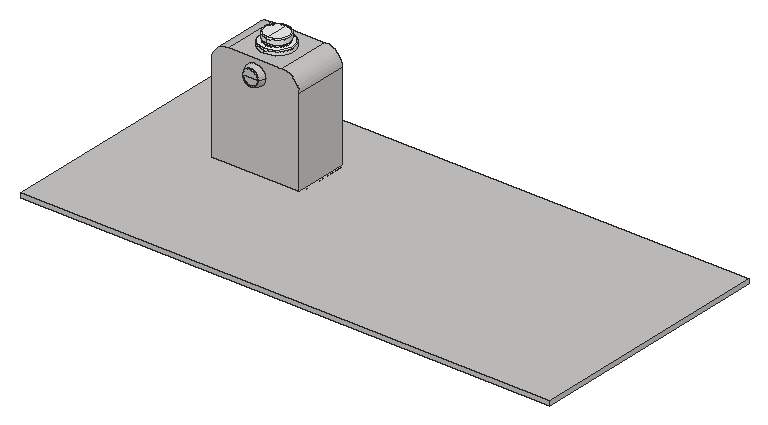
Revit family "Drinking_Fountain-Haws_Corporation-Bottle_Filler_1920", category Plumbing Fixtures, host Face, Revit 2015
Parameters (values of type "1920 with BP32 Panel")
  Waste Connection = no
  Version = "2014-v1.0a"  # constant formula
  Vent Connection = no
  URL = "https://www.hawsco.com/"
  SKU = "10-101"
  Product Page URL = "https://www.hawsco.com/bottle-filling-station/"
  Product Name = "Bottle Filler"
  Product Documentation Link = "https://www.hawsco.com/downloads/dl/file/id/16262/product/1120/haws_model_1920_specsheet_pdf.pdf"
  Plate Model = if(and(BP15 Panel, BP32 Panel), "Too Many Options Selected, Please Select Only 1 Panel Option", if(BP15 Panel, "BP15", if(BP32 Panel, "BP32", "No Panel Option Selected")))  # "BP32"
  Plate Finish = Metal - Haws Corporation - Satin Stainless Steel
  Model = "1920"
  Manufacturer = "Haws Corporation"  # constant formula
  LEED Credit = ""
  HW Connection = no
  Green Information = ""
  Description = "Bottle filler can be a stand-alone station, or mounted above Haws 1001, 1011, 1107L and 1117L series drinking fountain models."  # constant formula
  Default Elevation = 4' - 0"
  Copyright = "©2016 Haws"  # constant formula
  Bracket = Metal - Haws Corporation - Satin Stainless Steel
  BP32 Panel = yes
  BP15 Panel = no
Types (4): name | Plate Model | BP32 Panel | BP15 Panel
  (no name) | "BP32" | yes | no
  1920 | "No Panel Option Selected" | no | no
  1920 with BP15 Panel | "BP15" | no | yes
  1920 with BP32 Panel | "BP32" | yes | no
Reference planes (in)
  plane 1 "Center (Front/Back)": y = 0
  plane 2: z = 0
  plane 3 "Center (Left/Right)": x = 0
  plane 4: z = 7.25
  plane 5: z = 5.625
  plane 6: x = -7.5
  plane 7: x = 7.5
  plane 8: y = 4.99584
  plane 9: y = -10.00416
  plane 10: z = 0.25
  plane 11: x = 24.5
Forms (in)
  Revolve 1, solid, material "Metal - Haws Corporation - Polished Chrome - 5705"
    sketch origin (0, -8.375, 1.50503) x (0, 1, 0) y (0, 0, -1)
      loop
        line (8.375, -5.74497) -> (9.09063, -5.74497)
        arc (9.09063, -5.74497) -> (9.12377, -5.73124) -> (9.1375, -5.69809) r 0.04687
        line (9.1375, -5.69809) -> (9.1375, -5.44172) -> (9.08587, -5.44172) -> (9.08587, -5.32691)
        arc (9.08587, -5.32691) -> (9.09151, -5.31054) -> (9.10603, -5.3011) r 0.02661
        line (9.10603, -5.3011) -> (9.33152, -5.24163)
        arc (9.33152, -5.24163) -> (9.35567, -5.22552) -> (9.365, -5.19804) r 0.04512
        line (9.365, -5.19804) -> (9.365, -5.003) -> (8.375, -5.003) -> (8.375, -5.74497)
      axis (8.375, -5.74497) -> (8.375, -5.003)
    angle from 0 to 360
  Extrusion 2, solid, material "Metal - Haws Corporation - Satin Stainless Steel" <- "Bracket"
    sketch origin (-19.06731, -1.375, -8.99196) x (1, 0, 0) y (0, 0, -1)
      loop
        line (16.44221, -9.13875) -> (16.44221, -14.5032)
        arc (16.44221, -14.5032) -> (16.73416, -15.20804) -> (17.43899, -15.49999) r 0.99679
        line (17.43899, -15.49999) -> (20.69562, -15.49999)
        arc (20.69562, -15.49999) -> (21.40045, -15.20804) -> (21.69241, -14.5032) r 0.99679
        line (21.69241, -14.5032) -> (21.69241, -9.14196)
        arc (21.69241, -9.14196) -> (21.64847, -9.03589) -> (21.5424, -8.99196) r 0.15001
        line (21.5424, -8.99196) -> (16.589, -8.99196)
        arc (16.589, -8.99196) -> (16.4852, -9.03495) -> (16.44221, -9.13875) r 0.14679
    from -0.25 to 3
  Revolve 3, solid, material "Metal - Haws Corporation - Satin Stainless Steel" <- "Bracket"
    sketch origin (0, -46.375, 5.625) x (1, 0, 0) y (0, 1, 0)
      loop
        line (0, 44.376) -> (0, 44.75) -> (-0.60733, 44.75) -> (-0.47391, 44.39543)
        arc (-0.47391, 44.39543) -> (-0.4629, 44.38133) -> (-0.44583, 44.376) r 0.03
        line (-0.44583, 44.376) -> (0, 44.376)
      axis (0, 44.376) -> (0, 44.75)
    angle from 0 to 360
  Extrusion 4, solid, material "Metal - Haws Corporation - Satin Stainless Steel" <- "Plate Finish", visible <- "BP15 Panel"
    sketch origin (0, 0, 0) x (1, 0, 0) y (0, 1, 0)
      loop
        line (-7.5, 4.99584) -> (-7.5, -10.00416) -> (7.5, -10.00416) -> (7.5, 4.99584) -> (-7.5, 4.99584)
    from 0 to 0.25
  Extrusion 5, solid, material "Metal - Haws Corporation - Satin Stainless Steel" <- "Plate Finish", visible <- "BP32 Panel"
    sketch origin (0, 0, 0) x (1, 0, 0) y (0, 1, 0)
      loop
        line (-7.5, 4.99584) -> (-7.5, -10.00416) -> (24.5, -10.00416) -> (24.5, 4.99584) -> (-7.5, 4.99584)
    from 0 to 0.25
Lines and regions (in)
  Masking region 1, detail levels fine
    outline origin (0, 0, 0) x (1, 0, 0) y (0, 0, 1)
      loop
        line (2.6251, 0.15001) -> (2.6251, 5.51124)
        arc (2.6251, 5.51124) -> (2.33315, 6.21608) -> (1.62831, 6.50803) r 0.99679
        line (1.62831, 6.50803) -> (0.99, 6.50803) -> (0.99, 6.70307)
        arc (0.99, 6.70307) -> (0.98066, 6.73055) -> (0.95652, 6.74666) r 0.04512
        line (0.95652, 6.74666) -> (0.73102, 6.80613)
        arc (0.73102, 6.80613) -> (0.71651, 6.81557) -> (0.71087, 6.83195) r 0.02661
        line (0.71087, 6.83195) -> (0.71087, 6.94675) -> (0.7625, 6.94675) -> (0.7625, 7.20313)
        arc (0.7625, 7.20313) -> (0.74877, 7.23627) -> (0.71562, 7.25) r 0.04687
        line (0.71562, 7.25) -> (-0.71562, 7.25)
        arc (-0.71562, 7.25) -> (-0.74877, 7.23627) -> (-0.7625, 7.20313) r 0.04687
        line (-0.7625, 7.20313) -> (-0.7625, 6.94675) -> (-0.71087, 6.94675) -> (-0.71087, 6.83195)
        arc (-0.71087, 6.83195) -> (-0.71651, 6.81557) -> (-0.73102, 6.80613) r 0.02661
        line (-0.73102, 6.80613) -> (-0.95652, 6.74666)
        arc (-0.95652, 6.74666) -> (-0.98066, 6.73055) -> (-0.99, 6.70307) r 0.04512
        line (-0.99, 6.70307) -> (-0.99, 6.50803) -> (-1.62831, 6.50803)
        arc (-1.62831, 6.50803) -> (-2.33315, 6.21608) -> (-2.6251, 5.51124) r 0.99679
        line (-2.6251, 5.51124) -> (-2.6251, 0.14679)
        arc (-2.6251, 0.14679) -> (-2.5821, 0.04299) -> (-2.47831, 0) r 0.14679
        line (-2.47831, 0) -> (2.47509, 0)
        arc (2.47509, 0) -> (2.58116, 0.04394) -> (2.6251, 0.15001) r 0.15001
  Masking region 2, detail levels coarse
    outline origin (0, 0, 0) x (1, 0, 0) y (0, 0, 1)
      loop
        line (2.6251, 0) -> (2.6251, 7.25) -> (-2.6251, 7.25) -> (-2.6251, 0) -> (2.6251, 0)
  Masking region 3, detail levels medium+fine
    outline origin (-7.82374, 0, 0) x (1, 0, 0) y (0, 0, 1)
      loop
        line (10.44884, 0.15001) -> (10.44884, 5.51124)
        arc (10.44884, 5.51124) -> (10.15689, 6.21608) -> (9.45205, 6.50803) r 0.99679
        line (9.45205, 6.50803) -> (6.19543, 6.50803)
        arc (6.19543, 6.50803) -> (5.49059, 6.21608) -> (5.19864, 5.51124) r 0.99679
        line (5.19864, 5.51124) -> (5.19864, 0.14679)
        arc (5.19864, 0.14679) -> (5.24164, 0.04299) -> (5.34543, 0) r 0.14679
        line (5.34543, 0) -> (10.29883, 0)
        arc (10.29883, 0) -> (10.4049, 0.04394) -> (10.44884, 0.15001) r 0.15001
  symbolic lines, detail levels medium+fine
    curve 1: line (0.99, 0, 6.50803) -> (-0.99, 0, 6.50803)
  symbolic lines, detail levels fine
    curve 2: line (0.71087, 0, 6.94675) -> (-0.71087, 0, 6.94675)
    curve 3: line (0.95652, 0, 6.74666) -> (-0.95652, 0, 6.74666)
    curve 4: line (-0.71087, 0, 6.83195) -> (0.71087, 0, 6.83195)
Dimensions and locks (in)
  locked: plane 4 to plane 2 at 7.25
  Extrusion 2 sketch curve to Extrusion 2 sketch curve to Extrusion 2 sketch curve = 0' - 5.10019" locked, 0' - 0.15001" locked
  equal spacing: Extrusion 2, plane 1 "Center (Front/Back)", Extrusion 2, locked at 1.625 each
  locked: Revolve 3 sketch curve to Revolve 3 sketch curve at 0
  locked: plane 5 to plane 2 at 5.625
  Revolve 3 sketch curve to Revolve 3 sketch curve to Revolve 3 sketch curve to plane 3 "Center (Left/Right)" = 0' - 0.13342" locked, 0' - 0.02808" locked, 0' - 0.44583" locked
  Revolve 3 sketch curve to Revolve 3 sketch curve to plane 1 "Center (Front/Back)" = 0' - 0.374" locked, 0' - 1 5/8" locked
  plane 4 to Revolve 1 sketch curve to Revolve 1 sketch curve = 0' - 0.30325" locked, 0' - 0.43872" locked
  plane 1 "Center (Front/Back)" to Revolve 1 sketch curve to Revolve 1 sketch curve to Revolve 1 sketch curve = 0' - 0.71087" locked, 0' - 0.05163" locked, 0' - 0.2275" locked
  locked: Extrusion 2 sketch curve to plane 4 at 0.74197
  locked: Extrusion 2 sketch curve to plane 3 "Center (Left/Right)" at 2.6251
  plane 3 "Center (Left/Right)" to Extrusion 2 sketch curve = 0' - 2.6251"
  Masking region 1 sketch curve to Masking region 1 sketch curve to Masking region 1 sketch curve = 0' - 0.05163" locked, 0' - 0.2275" locked  (x2)
  Masking region 2 sketch curve to plane 3 "Center (Left/Right)" to Masking region 2 sketch curve = 0' - 2.6251" locked, 0' - 2.6251" locked
  plane 6 to plane 3 "Center (Left/Right)" to plane 7 = 0' - 7 1/2" locked, 0' - 7 1/2" locked
  locked: plane 9 to plane 1 "Center (Front/Back)" at 10.00416
  locked: plane 8 to plane 9 at 15
  plane 10 to level = 0' - 0 1/4"
  plane 6 to plane 11 = 2' - 8"
  aligned and locked: plane 2 to host face
  aligned and locked: level to host face
  aligned and locked: Extrusion 2 sketch curve to plane 2
  aligned and locked: plane 3 "Center (Left/Right)" to Revolve 3 sketch curve
  aligned and locked: Revolve 3 sketch curve to plane 5
  aligned and locked: plane 5 to Revolve 3 sketch curve
  aligned and locked: Revolve 1 sketch curve to plane 4
  aligned and locked: plane 1 "Center (Front/Back)" to Revolve 1 sketch curve  (x2)
  aligned and locked: Revolve 1 sketch curve to plane 3 "Center (Left/Right)"  (x2)
  aligned and locked: Masking region 2 sketch curve to plane 4
  aligned and locked: Masking region 2 sketch curve to plane 2
  aligned and locked: Extrusion 4 sketch curve to plane 8
  aligned and locked: plane 6 to Extrusion 4 sketch curve
  aligned and locked: plane 9 to Extrusion 4 sketch curve
  aligned and locked: Extrusion 4 sketch curve to plane 7
  aligned and locked: Extrusion 4 to level
  aligned and locked: plane 10 to Extrusion 4
  aligned and locked: Extrusion 5 sketch curve to plane 11
  aligned and locked: Extrusion 5 sketch curve to plane 8
  aligned and locked: plane 6 to Extrusion 5 sketch curve
  aligned and locked: Extrusion 5 sketch curve to plane 9
  aligned and locked: Extrusion 5 to level
  aligned and locked: plane 10 to Extrusion 5
Automatic sketch dimensions
  Revolve 1 sketch curve to Revolve 1 sketch curve = 0' - 0.02015"
  Revolve 1 sketch curve to Revolve 1 sketch curve = 0' - 0.02661"
  Revolve 1 sketch curve to Revolve 1 sketch curve = 0' - 0.04512"
  Revolve 1 sketch curve to plane 4 = 0' - 0.50334"
  Revolve 1 sketch curve to Revolve 1 sketch curve = 0' - 0.01165"
  Revolve 1 sketch curve to Revolve 1 sketch curve = 0' - 0.38749"
  Revolve 1 sketch curve to Revolve 1 sketch curve = 0' - 0.51476"
  Revolve 3 sketch curve to Revolve 3 sketch curve = 0' - 0.01943"
  Revolve 3 sketch curve to Revolve 3 sketch curve = 0' - 0"
  Revolve 3 sketch curve to Revolve 3 sketch curve = 0' - 0.09294"
  Revolve 1 sketch curve to Revolve 1 sketch curve = 0' - 0.1148"
  Revolve 1 sketch curve to Revolve 1 sketch curve = 0' - 0.00475"
  curve 1 to plane 3 "Center (Left/Right)" = 0' - 0.99"
  curve 1 to plane 4 = 0' - 0.74197"
  curve 1 to curve 3 = 0' - 0.03348"
  curve 3 to curve 2 = 0' - 0.24565"
  curve 2 to curve 4 = 0' - 0"  (x2)
  curve 2 to plane 4 = 0' - 0.30325"
  plane 3 "Center (Left/Right)" to curve 2 = 0' - 0.71087"
  curve 4 to curve 3 = 0' - 0.24565"
  curve 3 to curve 1 = 0' - 0.03348"
  curve 1 to curve 3 = 0' - 0.23863"
  curve 4 to curve 2 = 0' - 0.1148"
  host sketch curve to host sketch curve = 8' - 0"  (x2)
  Extrusion 2 sketch curve to Extrusion 2 sketch curve = 0' - 0.14679"
  Extrusion 2 sketch curve to Extrusion 2 sketch curve = 0' - 0.99679"  (x2)
  Masking region 1 sketch curve to level = 0' - 0"
  Masking region 1 sketch curve to plane 4 = 0' - 0"
  Masking region 1 sketch curve to plane 5 = 0' - 0.11376"  (x2)
  Masking region 1 sketch curve to plane 3 "Center (Left/Right)" = 0' - 2.6251"
  Masking region 1 sketch curve to Masking region 1 sketch curve = 0' - 0.14679"
  Masking region 1 sketch curve to Masking region 1 sketch curve = 0' - 0.99679"  (x2)
  Masking region 1 sketch curve to Masking region 1 sketch curve = 0' - 0.63831"  (x2)
  Masking region 1 sketch curve to plane 4 = 0' - 0.50334"  (x2)
  Masking region 1 sketch curve to Masking region 1 sketch curve = 0' - 0.03348"
  Masking region 1 sketch curve to Masking region 1 sketch curve = 0' - 0.04512"  (x2)
  Masking region 1 sketch curve to Masking region 1 sketch curve = 0' - 0.02661"
  Masking region 1 sketch curve to Masking region 1 sketch curve = 0' - 0.00646"  (x2)
  Masking region 1 sketch curve to plane 4 = 0' - 0 3/64"
  plane 3 "Center (Left/Right)" to Masking region 1 sketch curve = 0' - 0.71087"
  Masking region 1 sketch curve to Masking region 1 sketch curve = 0' - 0 3/64"
  Masking region 1 sketch curve to plane 4 = 0' - 0.44387"
  Masking region 1 sketch curve to Masking region 1 sketch curve = 0' - 0.02015"
  Masking region 1 sketch curve to Masking region 1 sketch curve = 0' - 0.01165"
  plane 3 "Center (Left/Right)" to Masking region 1 sketch curve = 0' - 2.47509"
  Masking region 1 sketch curve to Masking region 1 sketch curve = 0' - 0.05947"
  Masking region 1 sketch curve to Masking region 1 sketch curve = 0' - 0.1148"  (x2)
  Masking region 3 sketch curve to level = 0' - 0"
  Masking region 3 sketch curve to plane 5 = 0' - 0.11376"  (x2)
  Masking region 3 sketch curve to plane 3 "Center (Left/Right)" = 0' - 2.6251"
  Masking region 3 sketch curve to plane 10 = 0' - 0.10321"
  Masking region 3 sketch curve to Masking region 3 sketch curve = 0' - 0.99679"
  plane 3 "Center (Left/Right)" to Masking region 3 sketch curve = 0' - 1.62831"
  Masking region 3 sketch curve to plane 10 = 0' - 0.09999"
